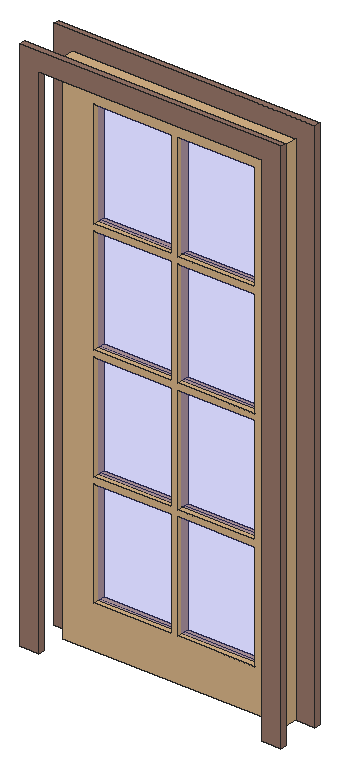
Revit family
Parameters (values of type "0915 x 2134mm")
  Thickness = 51.00 mm
  문 재료 = 문 - 패널
  프레임 재료 = 문 - 프레임
  Height = 2134.00 mm
  문살 = 25.00 mm
  선틀 폭 = 127.00 mm
  자르기 투영 외부 = 25.00 mm
  자르기 투영 내부 = 25.00 mm
  자르기 폭 = 76.00 mm
  Wall Closure = (empty or 0)
  Width = 915.00 mm
Types (7, lengths in mm): name | Height | Width
  0915 x 2134mm | 2134.00 | 915.00
  0864 x 2134mm | 2134.00 | 864.00
  0813 x 2134mm | 2134.00 | 813.00
  0762 x 2134mm | 2134.00 | 762.00
  0762 x 2032mm | 2032.00 | 762.00
  0915 x 2032mm | 2032.00 | 915.00
  0864 x 2032mm | 2032.00 | 864.00
Reference planes
  plane 1: y = 0
  plane 2: z = 0
  plane 3: x = 25.4
  plane 4: x = -432.1
  plane 5: x = 482.9
  plane 6: z = 2134
  plane 7: x = 12.9
  plane 8: x = 37.9
  plane 9: x = -305.1
  plane 10: x = 355.9
  plane 11: z = 1103.7
  plane 12: z = 1568.05
  plane 13: z = 1543.05
  plane 14: z = 1078.7
  plane 15: z = 639.35
  plane 16: z = 614.35
  plane 17: z = 2007.4
  plane 18: z = 175
  plane 19: z = 2032.4
  plane 20: y = 75
  plane 21: y = 24
  plane 22: y = 49.5
Forms (mm)
  Extrusion 1, solid, material "유리"
    sketch origin (0, 8.902, 0) x (1, 0, 0) y (0, 0, 1)
      loop
        line (-305.1, 2007.4) -> (-305.1, 1568.05) -> (12.9, 1568.05) -> (12.9, 2007.4) -> (-305.1, 2007.4)
      loop
        line (37.9, 2007.4) -> (37.9, 1568.05) -> (355.9, 1568.05) -> (355.9, 2007.4) -> (37.9, 2007.4)
      loop
        line (37.9, 1543.05) -> (37.9, 1103.7) -> (355.9, 1103.7) -> (355.9, 1543.05) -> (37.9, 1543.05)
      loop
        line (-305.1, 1543.05) -> (-305.1, 1103.7) -> (12.9, 1103.7) -> (12.9, 1543.05) -> (-305.1, 1543.05)
      loop
        line (-305.1, 1078.7) -> (-305.1, 639.35) -> (12.9, 639.35) -> (12.9, 1078.7) -> (-305.1, 1078.7)
      loop
        line (37.9, 1078.7) -> (37.9, 639.35) -> (355.9, 639.35) -> (355.9, 1078.7) -> (37.9, 1078.7)
      loop
        line (37.9, 614.35) -> (37.9, 175) -> (355.9, 175) -> (355.9, 614.35) -> (37.9, 614.35)
      loop
        line (-305.1, 614.35) -> (-305.1, 175) -> (12.9, 175) -> (12.9, 614.35) -> (-305.1, 614.35)
    from -46.848 to -34.348
  Extrusion 2, solid, material "문 - 패널" <- "문 재료"
    sketch origin (-1524, -75, 0) x (1, 0, 0) y (0, 0, 1)
      loop
        line (1091.9, 2134) -> (1091.9, 0) -> (2006.9, 0) -> (2006.9, 2134) -> (1091.9, 2134)
      loop
        line (1218.9, 2007.4) -> (1218.9, 1568.05) -> (1536.9, 1568.05) -> (1536.9, 2007.4) -> (1218.9, 2007.4)
      loop
        line (1561.9, 2007.4) -> (1561.9, 1568.05) -> (1879.9, 1568.05) -> (1879.9, 2007.4) -> (1561.9, 2007.4)
      loop
        line (1218.9, 1543.05) -> (1218.9, 1103.7) -> (1536.9, 1103.7) -> (1536.9, 1543.05) -> (1218.9, 1543.05)
      loop
        line (1561.9, 1543.05) -> (1561.9, 1103.7) -> (1879.9, 1103.7) -> (1879.9, 1543.05) -> (1561.9, 1543.05)
      loop
        line (1218.9, 1078.7) -> (1218.9, 639.35) -> (1536.9, 639.35) -> (1536.9, 1078.7) -> (1218.9, 1078.7)
      loop
        line (1561.9, 1078.7) -> (1561.9, 639.35) -> (1879.9, 639.35) -> (1879.9, 1078.7) -> (1561.9, 1078.7)
      loop
        line (1218.9, 614.35) -> (1218.9, 175) -> (1536.9, 175) -> (1536.9, 614.35) -> (1218.9, 614.35)
      loop
        line (1561.9, 614.35) -> (1561.9, 175) -> (1879.9, 175) -> (1879.9, 614.35) -> (1561.9, 614.35)
    from -150 to -99
  Extrusion 3, solid, material "문 - 프레임" <- "프레임 재료"
    sketch origin (-1524, 75, 0) x (-1, 0, 0) y (0, 0, 1)
      loop
        line (-2082.9, 2210) -> (-2082.9, 0) -> (-2006.9, 0) -> (-2006.9, 2134) -> (-1091.9, 2134) -> (-1091.9, 0) -> (-1015.9, 0) -> (-1015.9, 2210) -> (-2082.9, 2210)
    from 0 to 25
  Extrusion 4, solid, material "문 - 프레임" <- "프레임 재료"
    sketch origin (-1524, -75, 0) x (1, 0, 0) y (0, 0, 1)
      loop
        line (1015.9, 2210) -> (1015.9, 0) -> (1091.9, 0) -> (1091.9, 2134) -> (2006.9, 2134) -> (2006.9, 0) -> (2082.9, 0) -> (2082.9, 2210) -> (1015.9, 2210)
    from 0 to 25
Lines and regions (mm)
  Opening 1
    outline origin (-1524, -75, 3657.6) x (0, 0, -1) y (1, 0, 0)
      loop
        line (1523.6, 1091.9) -> (3657.6, 1091.9) -> (3657.6, 2006.9) -> (1523.6, 2006.9) -> (1523.6, 1091.9)
  symbolic lines, style "DoorsPanelProjection"
    curve 1: line (482.9, 75, 0) -> (431.9, 75, 0)
    curve 2: line (482.9, 75, 0) -> (482.9, 989.99, 0)
    curve 3: line (482.9, 989.99, 0) -> (431.9, 989.99, 0)
    curve 4: line (431.9, 75, 0) -> (431.9, 989.99, 0)
  model lines, style "DoorsFrameMullionProjection"
    curve 5: line (-508.1, -75, 0) -> (-508.1, -75, 2210)
    curve 6: line (-508.1, -75, 2210) -> (558.9, -75, 2210)
    curve 7: line (558.9, -75, 2210) -> (558.9, -75, 0)
    curve 8: line (558.9, 75, 0) -> (558.9, 75, 2210)
    curve 9: line (-508.1, 75, 2210) -> (558.9, 75, 2210)
    curve 10: line (-508.1, 75, 2210) -> (-508.1, 75, 0)
  symbolic lines, style "평면 스윙"
    curve 11: arc (431.9, 989.99, 0) -> (-182.887, 704.71, 0) -> (-433.51, 75, 0) r 916.41
  symbolic lines, style "입면도 스윙"
    curve 12: line (-432.1, 0, 2134) -> (482.9, 0, 1087)
    curve 13: line (482.9, 0, 1087) -> (482.9, 0, 1067)
    curve 14: line (482.9, 0, 1067) -> (-432.1, 0, 0)
Dimensions and locks
  equal spacing: plane 4, plane 3, plane 5
  "Width": plane 4 to plane 5
  "Height": plane 6 to plane 2
  "자르기 폭": plane 4 to curve 5
  "자르기 폭": plane 5 to curve 7
  "자르기 폭": plane 6 to curve 6
  locked: curve 9 to host wall
  "선틀 폭": plane 4 to plane 9
  "선틀 폭": plane 10 to plane 5
  "문살": plane 12 to plane 13
  "문살": plane 11 to plane 14
  "문살": plane 15 to plane 16
  "문살": plane 7 to plane 8
  "Thickness": curve 4 to plane 5
  equal spacing: plane 19, plane 12, plane 11, plane 15, plane 18
  locked: plane 18 to host wall at 175
  locked: plane 6 to plane 19 at 101.6
  "문살": plane 19 to plane 17
  equal spacing: plane 7, plane 3, plane 8
  "자르기 투영 내부": Extrusion 4 to host wall
  "자르기 투영 외부": Extrusion 3 to host wall
  equal spacing: plane 6, curve 14, level
  locked: plane 20 to host wall at 0
  "Thickness": plane 21 to plane 20
  equal spacing: plane 20, plane 22, plane 21
  locked: Extrusion 1 to Extrusion 1 at 12.5
  equal spacing: Extrusion 1, plane 22, Extrusion 1
  aligned and locked: curve 7 to level
  aligned and locked: curve 8 to curve 7
  aligned and locked: Extrusion 2 sketch curve to Extrusion 1  (x2)
  aligned and locked: Extrusion 3 sketch curve to curve 10
  aligned and locked: Extrusion 3 sketch curve to curve 6
  aligned and locked: Extrusion 3 sketch curve to Extrusion 2  (x4)
  aligned and locked: Extrusion 3 sketch curve to curve 7
  aligned and locked: level to plane 2
  aligned and locked: Extrusion 4 sketch curve to Extrusion 3
  aligned and locked: Extrusion 4 sketch curve to curve 5
  aligned and locked: Extrusion 4 sketch curve to curve 7
  aligned and locked: plane 17 to Extrusion 1 sketch curve
  aligned and locked: plane 12 to Extrusion 1 sketch curve  (x2)
  aligned and locked: plane 13 to Extrusion 1 sketch curve  (x2)
  aligned and locked: plane 11 to Extrusion 1 sketch curve  (x2)
  aligned and locked: plane 14 to Extrusion 1 sketch curve  (x2)
  aligned and locked: plane 15 to Extrusion 1 sketch curve  (x2)
  aligned and locked: plane 16 to Extrusion 1 sketch curve  (x2)
  aligned and locked: Extrusion 1 sketch curve to Extrusion 1 sketch curve
  aligned and locked: plane 9 to Extrusion 1 sketch curve  (x4)
  aligned and locked: plane 10 to Extrusion 1 sketch curve  (x4)
  aligned and locked: Extrusion 3 to host wall
  aligned and locked: plane 21 to Extrusion 2
  aligned and locked: plane 20 to Extrusion 2
Automatic sketch dimensions
  Opening 1 sketch curve to plane 6 = 0.00 mm
  Opening 1 sketch curve to level = 0.00 mm
  Opening 1 sketch curve to plane 4 = 0.00 mm
  Opening 1 sketch curve to plane 5 = 0.00 mm
  Extrusion 2 sketch curve to plane 4 = 0.00 mm
  Extrusion 2 sketch curve to plane 9 = 0.00 mm  (x4)
  Extrusion 2 sketch curve to plane 7 = 0.00 mm  (x4)
  Extrusion 2 sketch curve to plane 8 = 0.00 mm  (x4)
  Extrusion 2 sketch curve to plane 10 = 0.00 mm  (x4)
  Extrusion 2 sketch curve to level = 0.00 mm
  Extrusion 2 sketch curve to plane 5 = 0.00 mm
  Extrusion 2 sketch curve to plane 16 = 0.00 mm  (x2)
  Extrusion 2 sketch curve to plane 15 = 0.00 mm  (x2)
  Extrusion 2 sketch curve to plane 14 = 0.00 mm  (x2)
  Extrusion 2 sketch curve to plane 11 = 0.00 mm  (x2)
  Extrusion 2 sketch curve to plane 13 = 0.00 mm  (x2)
  Extrusion 2 sketch curve to plane 12 = 0.00 mm  (x2)
  Extrusion 2 sketch curve to plane 17 = 0.00 mm  (x2)
  Extrusion 2 sketch curve to plane 6 = 0.00 mm
  Extrusion 3 sketch curve to level = 0.00 mm
  Extrusion 4 sketch curve to plane 6 = 0.00 mm
  Extrusion 4 sketch curve to plane 5 = 0.00 mm
  Extrusion 4 sketch curve to level = 0.00 mm  (x2)
  Extrusion 4 sketch curve to plane 4 = 0.00 mm
  Extrusion 1 sketch curve to plane 7 = 0.00 mm  (x4)
  Extrusion 1 sketch curve to plane 8 = 0.00 mm  (x4)
  Extrusion 1 sketch curve to plane 18 = 0.00 mm  (x2)
  curve 1 to plane 5 = 0.00 mm
  curve 11 to plane 5 = 0.00 mm
  plane 4 to curve 11 = 1.41 mm
  curve 11 to host wall = 0.00 mm
  curve 12 to plane 4 = 0.00 mm
  curve 12 to plane 6 = 0.00 mm
  curve 13 to plane 5 = 0.00 mm
  curve 5 to level = 0.00 mm
  curve 8 to level = 0.00 mm
  curve 10 to level = 0.00 mm
  curve 14 to level = 0.00 mm
  curve 14 to plane 4 = 0.00 mm
  curve 9 to curve 6 = 0.00 mm
  curve 12 to curve 13 = 20.00 mm
  curve 9 to curve 5 = 0.00 mm
  curve 1 to host wall = 0.00 mm
